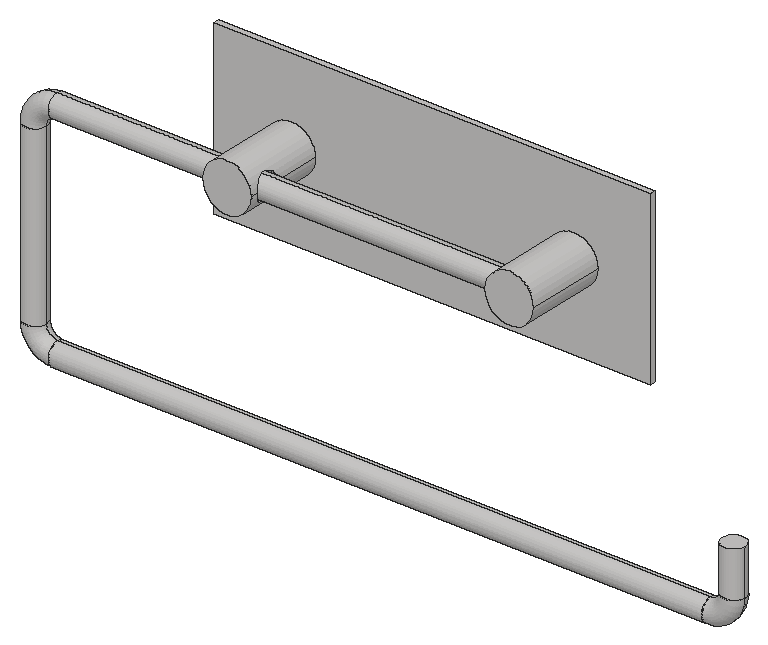
Revit family "T13", category Generic Models, Revit 2021
Family settings
  Can host rebar = No
  Round Connector Dimension = Use Diameter
  Part Type = Normal
  Work Plane-Based = No
  Always vertical = Yes
  Cut with Voids When Loaded = No
  Shared = No
  Room Calculation Point = No
Parameters (values of type "Standard")
  e-mail = "info@vola.com"
  URL = "http://vola.com"
  Telephone = "+45 7023 5500"
  Quality management standard = "ISO 9001"
  Organisation no. / DUNS no. = "17531328"
  Occupational health and safety management standard = "ISO 18001"
  Mounting Instructions = "http://vola.com/service/producturl.ashx?name=T13"
  Model = "T13"
  Materials and components information = "http://vola.com/service/producturl.ashx?name=T13"
  Manufacturer = "VOLA A/S"
  Maintenance Instructions = "http://vola.com/service/producturl.ashx?name=T13"
  Guarantee = "2 years"
  Environmental management standard = "ISO 14000"
  Default Elevation = 0.0000 mm
  Connection - All relevant connections = ""
  Approvals = "http://vola.com/service/producturl.ashx?name=T13"
Reference planes
  plane 1 "Center (Front/Back)": y = 0
  plane 2: z = 0
  plane 3 "Center (Left/Right)": x = 0
  plane 4 "Sweep": y = -23
Forms (mm)
  Extrusion 1, solid, material "Stainless Steel"
    sketch origin (0, 0, 0) x (1, 0, 0) y (0, 0, 1)
      loop
        line (76.5, -30) -> (76.5, 30) -> (-76.5, 30) -> (-76.5, -30) -> (76.5, -30)
    from 0 to 2
  Extrusion 2, solid, material "Stainless Steel"
    sketch origin (0, -2, 0) x (1, 0, 0) y (0, 0, 1)
      loop
        circle (49.5, 0) r 8.5
      loop
        circle (-49.5, 0) r 8.5
    from 0 to 28
  Sweep 3, solid, material "Stainless Steel"
    path origin (0, -23, 0) x (0, 0, -1) y (-1, 0, 0)
      loop
        line (0, -50) -> (0, 114.5)
        arc (0, 114.5) -> (2.343, 120.157) -> (8, 122.5) r 8
        line (8, 122.5) -> (70, 122.5)
        arc (70, 122.5) -> (75.657, 120.157) -> (78, 114.5) r 8
        line (78, 114.5) -> (78, -114.5)
        arc (78, -114.5) -> (75.657, -120.157) -> (70, -122.5) r 8
        line (70, -122.5) -> (54, -122.5)
    profile origin (-32.25, -23, 0) x (0, 0, 1) y (0, 1, 0)
      loop
        circle (0, 0) r 4
  Extrusion 4, void
    sketch origin (0, 0, 0) x (0, 1, 0) y (0, 0, 1)
      loop
        circle (-23, 0) r 4.75
    from -67.509 to 51.886
Cuts and joins
  Extrusion 4 cuts Extrusion 2
Dimensions and locks
  aligned and locked: plane 2 to level
